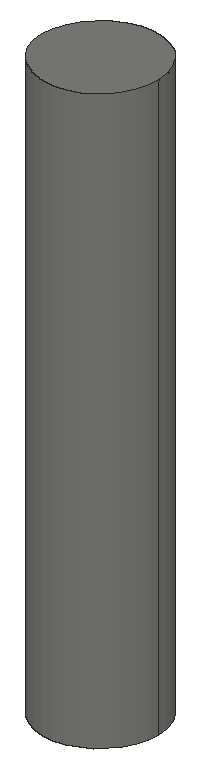
Revit family "Concrete - Round (column)", category Structural Columns, Revit 2027
Family settings
  Display in Hidden Views = Edges Hidden by Other Members
  Section Shape = Not Defined
  Material for Model Behavior = Concrete
  Always export as geometry = No
  Beam cutback in plan = From geometry
  Cut with Voids When Loaded = No
  Symbolic Representation = From Family
  Shared = No
  Show family pre-cut in plan views = Yes
Parameters (values of type "Concrete - Round (column)")
  d = 200 mm
  Structural Material = Concrete
  Creator Organization [instance] = "© Danish Educational Content"  # constant formula
  Creator Name [instance] = "© Erik Falck Jørgensen"  # constant formula
  Creator Build [instance] = "2023.0405.0"  # constant formula
Reference planes
  plane 1 "Center (Front/Back)": y = 0
  plane 2: z = 0
  plane 3 "Center (Left/Right)": x = 0
  plane 4: x = -100
  plane 5: x = 100
  plane 6: y = 100
  plane 7: y = -100
Forms (mm)
  Extrusion 1, solid, material "Concrete" <- "Structural Material"
    sketch origin (0, 0, 0) x (1, 0, 0) y (0, 1, 0)
      loop
        circle (0, 0) r 100
    from 0 to 1000
Dimensions and locks
  equal spacing: plane 4, plane 3 "Center (Left/Right)", plane 5
  equal spacing: plane 7, plane 1 "Center (Front/Back)", plane 6
  "d": plane 7 to plane 6
  "d": plane 4 to plane 5
  aligned and locked: level to Extrusion 1
  aligned and locked: level to plane 2
  aligned and locked: Extrusion 1 to plane 2
Automatic sketch dimensions
  Extrusion 1 sketch curve to plane 1 "Center (Front/Back)" = 0 mm
  Extrusion 1 sketch curve to plane 4 = 0 mm
  Extrusion 1 sketch curve to plane 3 "Center (Left/Right)" = 0 mm
